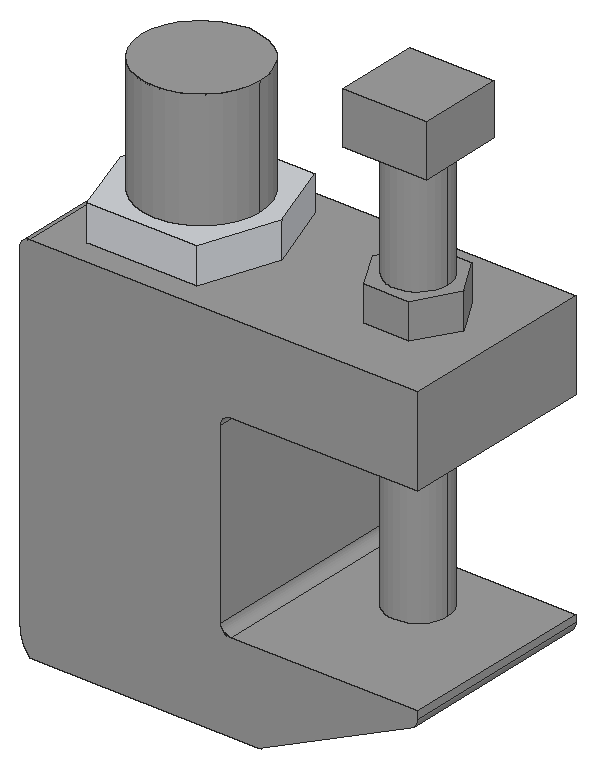
Revit family "Beam_Clamp-Unistrut-P2899", category Specialty Equipment, Revit 2012
Parameters (values of type "P2899-75")
  ecoScorecard_data = "http://products.ecoscorecard.com/atkore/P2899-75"
  ecoScorecard Product Page = "http://products.ecoscorecard.com/atkore/P2899-75?action=html"
  Weight Per Piece = 0.83 lbf
  Unit = Default
  Unistrut Part Number = "P2899-75"  # constant formula
  URL = "http://unistrut.us/index.php"
  Subcategory = "Beam Clamps"  # constant formula
  Product Page URL = "http://unistrut.us/index.php?WP=cat_detail&S=S05&P=P2899"
  Part Type = "Beam Clamp"  # constant formula
  Overall Width = 1 1/4"
  Overall Height = 2 3/8"
  Model = "P2899-75"
  Manufacturer Phone - Toll Free = "800-882-5543"  # constant formula
  Manufacturer Phone = "708-339-1610"  # constant formula
  Manufacturer Fax = "708-339-7814"  # constant formula
  Manufacturer Email = "mailto:jshaw@atkore.com"
  Manufacturer Address = "16100 South Lathrop Avenue, Harvey, IL 60426"  # constant formula
  Manufacturer = "Unistrut by Atkore International"  # constant formula
  Load Capacity Note = "Visit the product page for load application and capacity."  # constant formula
  Literature URL = "http://unistrut.us/index.php?WP=LItLibrary"
  Hole Radius = A / 2  # 3/8"
  Default Elevation = 48"
  D = 1 3/8"
  Cost Info = "mailto:jshaw@atkore.com"
  Clamp Top Thickness = 9/16"
  Clamp Side Thickness = 1 35/128"
  Clamp Bottom Thickness = 9/16"
  CAD URL = "http://unistrut.us/index.php?WP=CAD3d"
  B = 1 7/8"
  Assembly Code = "D5020100"
  A = 3/4"
  95 CSI = "16070"  # constant formula
  04 CSI = "26 05 48"  # constant formula
Types (5): name | ecoScorecard_data | ecoScorecard Product Page | Weight Per Piece | Overall Width | Overall Height | Model | Hole Radius | D | Clamp Top Thickness | Clamp Side Thickness | Clamp Bottom Thickness | B | A
  (no name) | "http://products.ecoscorecard.com/atkore/P2899-75" | "http://products.ecoscorecard.com/atkore/P2899-75?action=html" | 0.83 lbf | 1 1/4" | 2 3/8" | "P2899-75" | 3/8" | 1 3/8" | 9/16" | 1 35/128" | 9/16" | 1 7/8" | 3/4"
  P2899-37 | "http://products.ecoscorecard.com/atkore/P2899-37" | "http://products.ecoscorecard.com/atkore/P2899-37?action=html" | 0.28 lbf | 7/8" | 2" | "P2899-37" | 3/16" | 1" | 3/8" | 179/256" | 3/8" | 1 5/8" | 3/8"
  P2899-50 | "http://products.ecoscorecard.com/atkore/P2899-50" | "http://products.ecoscorecard.com/atkore/P2899-50?action=html" | 0.34 lbf | 7/8" | 2" | "P2899-50" | 1/4" | 1" | 1/2" | 1 11/256" | 1/2" | 1 5/8" | 1/2"
  P2899-62 | "http://products.ecoscorecard.com/atkore/P2899-62" | "http://products.ecoscorecard.com/atkore/P2899-62?action=html" | 0.66 lbf | 1" | 2 1/4" | "P2899-62" | 5/16" | 1 1/4" | 9/16" | 1 35/128" | 9/16" | 1 3/4" | 5/8"
  P2899-75 | "http://products.ecoscorecard.com/atkore/P2899-75" | "http://products.ecoscorecard.com/atkore/P2899-75?action=html" | 0.83 lbf | 1 1/4" | 2 3/8" | "P2899-75" | 3/8" | 1 3/8" | 9/16" | 1 35/128" | 9/16" | 1 7/8" | 3/4"
Reference planes (in)
  plane 1 "Center (Front/Back)": y = 0
  plane 2: z = 0
  plane 3 "Center (Left/Right)": x = 0
  plane 4: z = 3.66813
  plane 5: z = 1.29313
  plane 6: y = 0.625
  plane 7: y = -0.625
  plane 8: x = 1.26226
  plane 9: x = -1.26118
Dimensions and locks (in)
  "Overall Height": plane 4 to plane 5
  equal spacing: plane 7, plane 1 "Center (Front/Back)", plane 6
  "Overall Width": plane 6 to plane 7
  aligned and locked: plane 2 to level
  aligned and locked: level to nested 1
  aligned and locked: nested 1 to plane 1 "Center (Front/Back)"
Nested families (in)
  nested 1: "2899" at (0, 0, 3.66813) x (1, 0, 0) z (0, 0, -1), type "P2899-37"
    with Hole Radius 3/8", E 1 1/4", D 1 3/8", Clamp Top Thickness 9/16", Clamp Side Thickness 1 35/128", Clamp Bottom Thickness 9/16", C 2 3/8", B 1 7/8", A 3/4"
Definition of nested family "2899"
  Parameters (values of type "P2899-37")
    Unit = Default
    Hole Radius = A / 2  # 3/16"
    E = 7/8"
    Default Elevation = 48"
    D = 1"
    Clamp Top Thickness = 3/8"
    Clamp Side Thickness = 179/256"
    Clamp Bottom Thickness = 3/8"
    C = 2"
    B = 1 5/8"
    A = 3/8"
  Types (4): name | Unit | Hole Radius | E | D | Clamp Top Thickness | Clamp Side Thickness | Clamp Bottom Thickness | C | B | A
    P2899-37 | Default | 3/16" | 7/8" | 1" | 3/8" | 179/256" | 3/8" | 2" | 1 5/8" | 3/8"
    P2899-50 | none | 1/4" | 7/8" | 1" | 1/2" | 1 11/256" | 1/2" | 2" | 1 5/8" | 1/2"
    P2899-62 | none | 5/16" | 1" | 1 1/4" | 9/16" | 1 35/128" | 9/16" | 2 1/4" | 1 3/4" | 5/8"
    P2899-75 | none | 3/8" | 1 1/4" | 1 3/8" | 9/16" | 1 35/128" | 9/16" | 2 3/8" | 1 7/8" | 3/4"
  Reference planes (in)
    plane 1 "Center (Front/Back)": y = 0
    plane 2: z = 0
    plane 3 "Center (Left/Right)": x = 0
    plane 4: z = 3.29313
    plane 5: z = 1.29313
    plane 6: y = 0.4375
    plane 7: y = -0.4375
    plane 8: x = 0.63726
    plane 9: x = 1.26226
    plane 10: x = -0.36274
    plane 11: x = 1.26226
    plane 12: z = 1.06825
    plane 13: z = 0.325
    plane 14: z = 2.575
    plane 15: z = 3.54313
    plane 16: x = -0.17524
    plane 17: x = -0.55024
    plane 18: z = 1.66813
  Forms (in)
    Extrusion 1, solid, material "Default" <- "Unit"
      sketch origin (0, 0, 0) x (1, 0, 0) y (0, 1, 0)
        loop
          line (0.90346, 0.2662) -> (0.37106, 0.2662) -> (0.37106, -0.2662) -> (0.90346, -0.2662) -> (0.90346, 0.2662)
      from 0 to 0.325
    Extrusion 2, solid, material "Default" <- "Unit"
      sketch origin (0, 0, 0) x (1, 0, 0) y (0, 1, 0)
        loop
          circle (0.63726, 0) r 0.18858
      from 0.325 to 2.575
    Extrusion 3, void
      sketch origin (0, 0, 0) x (1, 0, 0) y (0, 1, 0)
        loop
          arc (-0.36274, -0.1875) -> (-0.17524, 0) -> (-0.36274, 0.1875) r 0.1875
          line (-0.36274, 0.1875) -> (-1.26118, 0.1875) -> (-1.26118, -0.1875) -> (-0.36274, -0.1875)
      from 1.66813 to 3.54313
    Sweep 4, solid, material "Default" <- "Unit"
      path origin (-10.97476, -180, 1.29313) x (-1, 0, 0) y (0, -1, 0)
        loop
          line (-10.97476, -180.4375) -> (-10.97476, -179.5625)
      profile "Clamp Profile : Clamp Profile" origin (0, 0, 1.29313) x (1, 0, 0) y (0, 0, 1)
        loop
          line (0.24928, 2) -> (-0.62446, 2)
          spline (-0.62446, 2) -> (-0.63484, 1.98655) -> (-0.64432, 1.97256) -> (-0.65291, 1.95807) -> (-0.66057, 1.94312) -> (-0.6673, 1.92777) -> (-0.67307, 1.91204) -> (-0.67789, 1.89599) -> (-0.68172, 1.87967) -> (-0.68456, 1.86311) -> (-0.68639, 1.84637) -> (-0.68719, 1.82948) -> (-0.68696, 1.8125)
          line (-0.68696, 1.8125) -> (-0.68696, 0.06266)
          spline (-0.68696, 0.06266) -> (-0.68639, 0.05418) -> (-0.68473, 0.04605) -> (-0.68205, 0.03834) -> (-0.67842, 0.03112) -> (-0.67394, 0.02447) -> (-0.66865, 0.01847) -> (-0.66265, 0.01319) -> (-0.656, 0.0087) -> (-0.64879, 0.00508) -> (-0.64107, 0.0024) -> (-0.63294, 0.00074) -> (-0.62446, 0.00016)
          line (-0.62446, 0.00016) -> (1.26226, 0.00016) -> (1.26226, 0.375) -> (0.07476, 0.375)
          spline (0.07476, 0.375) -> (0.06628, 0.37557) -> (0.05815, 0.37723) -> (0.05043, 0.37991) -> (0.04322, 0.38353) -> (0.03657, 0.38802) -> (0.03057, 0.39331) -> (0.02528, 0.39931) -> (0.02079, 0.40595) -> (0.01717, 0.41317) -> (0.01449, 0.42088) -> (0.01283, 0.42902) -> (0.01226, 0.4375)
          line (0.01226, 0.4375) -> (0.01226, 1.5625)
          spline (0.01226, 1.5625) -> (0.01283, 1.57098) -> (0.01449, 1.57912) -> (0.01717, 1.58683) -> (0.02079, 1.59405) -> (0.02528, 1.60069) -> (0.03057, 1.60669) -> (0.03657, 1.61198) -> (0.04322, 1.61647) -> (0.05043, 1.62009) -> (0.05815, 1.62277) -> (0.06628, 1.62443) -> (0.07476, 1.625)
          line (0.07476, 1.625) -> (1.26226, 1.625) -> (1.26226, 1.6728)
          spline (1.26226, 1.6728) -> (1.2619, 1.67956) -> (1.26082, 1.68615) -> (1.25908, 1.69251) -> (1.25669, 1.69861) -> (1.25369, 1.70439) -> (1.25012, 1.70982) -> (1.246, 1.71486) -> (1.24137, 1.71944) -> (1.23626, 1.72354) -> (1.23071, 1.7271) -> (1.22474, 1.73009) -> (1.2184, 1.73246)
          line (1.2184, 1.73246) -> (0.27997, 1.99305)
          arc (0.27997, 1.99305) -> (0.26501, 1.99824) -> (0.24928, 2) r 0.07121
    Extrusion 5, solid
      sketch origin (0, 0, 0) x (1, 0, 0) y (0, 1, 0)
        loop
          line (-0.52458, 0.28034) -> (-0.68645, 0) -> (-0.52458, -0.28034) -> (-0.20089, -0.28034) -> (-0.03903, 0) -> (-0.20091, 0.28034) -> (-0.52458, 0.28034)
        loop
          circle (-0.36274, 0) r 0.1875
      from 1.06825 to 1.29313
    Extrusion 6, solid, material "Default" <- "Unit"
      sketch origin (-0.75, 0, 0) x (1, 0, 0) y (0, 1, 0)
        loop
          circle (0.38726, 0) r 0.1875
      from 0.325 to 1.29313
    Extrusion 7, solid
      sketch origin (-0.75, 0, 1.64014) x (1, 0, 0) y (0, 1, 0)
        loop
          circle (0.38726, 0) r 0.1875
      from -0.347 to 0.028
    Extrusion 8, solid, material "Default" <- "Unit"
      sketch origin (0, 0, 0) x (1, 0, 0) y (0, 1, 0)
        loop
          line (0.49292, 0.25) -> (0.34859, 0) -> (0.49292, -0.25) -> (0.7816, -0.25) -> (0.92594, 0) -> (0.7816, 0.25) -> (0.49292, 0.25)
      from 1.06825 to 1.29313
  Cuts and joins
    Extrusion 3 cuts Extrusion 1
    Extrusion 3 cuts Extrusion 2
    Extrusion 3 cuts Sweep 4
    joined: Extrusion 1, Extrusion 2, Sweep 4, Extrusion 8
  Dimensions and locks (in)
    "C": plane 4 to plane 5
    locked: plane 5 to level at 1.29313
    equal spacing: plane 7, plane 1 "Center (Front/Back)", plane 6
    "E": plane 6 to plane 7
    "B": Extrusion 3 sketch curve to plane 9
    "B": plane 10 to plane 11
    "D": plane 10 to plane 8
    cut or joined group of Extrusion 1, Extrusion 2, Extrusion 3, Sweep 4, Extrusion 8 to plane 8 to cut or joined group of Extrusion 1, Extrusion 2, Extrusion 3, Sweep 4, Extrusion 8 = 0.2662", 0.2662"
    equal spacing: Extrusion 1 sketch curve, plane 8, Extrusion 1 sketch curve
    locked: Extrusion 1 sketch curve to Extrusion 1 sketch curve at 0.5324
    locked: plane 5 to plane 12 at 0.22488
    locked: plane 4 to plane 14 at 0.71813
    locked: plane 15 to plane 4 at 0.25
    equal spacing: plane 17, plane 10, plane 16
    "A": plane 17 to plane 16
    equal spacing: Extrusion 5 sketch curve, Extrusion 5 sketch curve, Extrusion 5 sketch curve  (x2)
    equal spacing: Extrusion 5 sketch curve, plane 10, Extrusion 5 sketch curve
    locked: plane 18 to plane 5 at 0.375
    equal spacing: Extrusion 1 sketch curve, plane 1 "Center (Front/Back)", Extrusion 1 sketch curve
    equal spacing: Extrusion 8 sketch curve, plane 8, Extrusion 8 sketch curve
    equal spacing: Extrusion 8 sketch curve, plane 1 "Center (Front/Back)", Extrusion 8 sketch curve
    locked: plane 1 "Center (Front/Back)" to Extrusion 8 sketch curve at 0.25
    locked: plane 1 "Center (Front/Back)" to Extrusion 1 sketch curve at 0.2662
    Extrusion 1 sketch curve to plane 1 "Center (Front/Back)" = 0.2662"
    locked: plane 6 to Extrusion 5 sketch curve at 0.15716
    locked: plane 7 to Extrusion 5 sketch curve at 0.15716
    locked: Extrusion 3 sketch curve to plane 17 at 0.71094
    "Hole Radius": radius of Extrusion 3 sketch curve
    "Hole Radius": radius of Extrusion 5 sketch curve
    "Hole Radius": radius of Extrusion 6 sketch curve
    "Hole Radius": radius of Extrusion 7 sketch curve
    aligned and locked: plane 2 to level
    aligned and locked: Extrusion 2 to Extrusion 1
    aligned and locked: Sweep 4 sketch curve to plane 3 "Center (Left/Right)"
    aligned and locked: plane 6 to Sweep 4 sketch curve
    aligned and locked: plane 7 to Sweep 4 sketch curve
    aligned and locked: plane 8 to Extrusion 2 sketch curve
    aligned and locked: cut or joined group of Extrusion 1, Extrusion 2, Extrusion 3, Sweep 4, Extrusion 8 to plane 13
    aligned and locked: cut or joined group of Extrusion 1, Extrusion 2, Extrusion 3, Sweep 4, Extrusion 8 to level
    aligned and locked: plane 14 to cut or joined group of Extrusion 1, Extrusion 2, Extrusion 3, Sweep 4, Extrusion 8
    aligned and locked: plane 10 to Extrusion 5 sketch curve
    aligned and locked: plane 5 to Extrusion 5
    aligned and locked: plane 12 to Extrusion 5
    aligned and locked: plane 10 to Extrusion 6 sketch curve
    aligned and locked: plane 1 "Center (Front/Back)" to Extrusion 6 sketch curve
    aligned and locked: plane 5 to Extrusion 6
    aligned and locked: Extrusion 6 to cut or joined group of Extrusion 1, Extrusion 2, Extrusion 3, Sweep 4, Extrusion 8
    aligned and locked: plane 15 to Extrusion 3
    aligned and locked: Extrusion 7 to plane 5
    aligned and locked: Extrusion 7 to plane 18
    aligned and locked: plane 1 "Center (Front/Back)" to Extrusion 7 sketch curve
    aligned and locked: plane 10 to Extrusion 7 sketch curve
    aligned and locked: plane 12 to Extrusion 8
    aligned and locked: plane 5 to Extrusion 8
  Automatic sketch dimensions
    plane 1 "Center (Front/Back)" to Extrusion 2 sketch curve = 0"
    plane 1 "Center (Front/Back)" to Extrusion 3 sketch curve = 0"
    plane 1 "Center (Front/Back)" to Extrusion 5 sketch curve = 0"  (x2)
    Extrusion 5 sketch curve to plane 17 = 0.02566"  (x2)
    plane 17 to Extrusion 5 sketch curve = 0.13621"
    Extrusion 5 sketch curve to plane 16 = 0.02567"
    plane 1 "Center (Front/Back)" to Extrusion 8 sketch curve = 0"  (x2)
    Extrusion 8 sketch curve to Extrusion 8 sketch curve = 0.14434"  (x2)
    Extrusion 8 sketch curve to plane 8 = 0.14434"  (x2)
    plane 8 to Extrusion 8 sketch curve = 0.14434"
    radius of Extrusion 2 sketch curve = 0.18858"
